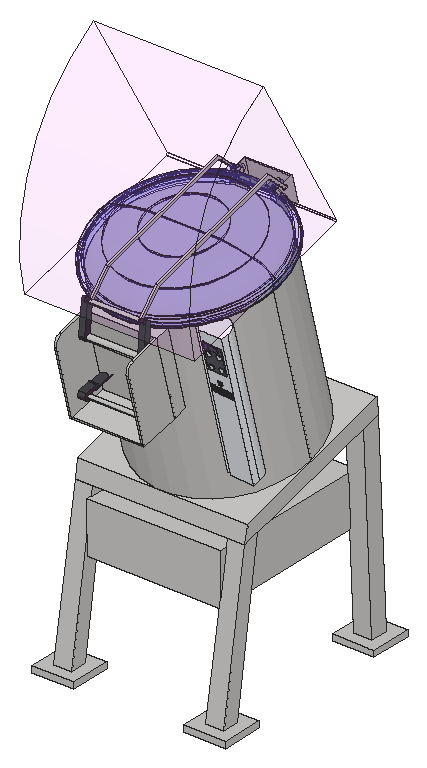
Revit family "QF_ELECTROLUXPROFESSIONAL_600875_TI2536M", category Attrezzature speciali, Revit 2020
Family settings
  Quota connettore circolare = Usa diametro
  Tipo di parte = Normale
  Basato su piano di lavoro = No
  Sempre verticale = Sì
  Taglio con vuoti quando caricato = No
  Condiviso = Sì
  Punto di calcolo locali = No
Parameters (values of type "Standard")
  Weight = 198.416 lbm
  Watts = 900 W
  Volts = 220 V
  URL Manufacturer = "https://www.electroluxprofessional.com/"
  URL = "https://www.electroluxprofessional.com/"
  Steam Supply Size = 0"
  Steam Supply Minimum Pressure = 0.00 psi
  Steam Supply Maximum Pressure = 0.00 psi
  Steam Consumption per Hour = 0
  Show Logo [instance] = yes
  Show Clearance [instance] = yes
  Refrigeration Suction Line Size = 0 mm
  Refrigeration Liquid Line Size = 0 mm
  Refrigerant Compressor Remote = yes
  Prospetto di default = 0 mm
  Produttore = "Electrolux Professional"
  Phase = 3
  Modello = "TI2536M"
  Length Actual = 565 mm  # constant formula
  Item Number = "600875"
  Hot Water Size = 0"
  Height Actual = 1425 mm  # constant formula
  HP = "1.2 HP"
  Gas Size = 0"
  Gas KW = 0
  Gas Input Pressure = 0.0 Btu/h
  Direct Waste Size = 1.9685"
  Descrizione = "VEGETABLE PEELER-FLAT P+EL.VALV+ABRASIVE PLATE 25KG/220-277/380-480V/3/60"
  Depth Actual = 880 mm  # constant formula
  Cycle = 60 Hz
  Condensate Return Size = 0"
  Compressed Air Volume = 0 GPM
  Compressed Air Size = 0"
  Compressed Air Pressure = 0.00 psi
  Cold Water Size = 168"
  Accessory = yes
Reference planes
  plane 1 "BACK": y = 0
  plane 2: z = 0
  plane 3 "LEFT": x = 0
  plane 4: x = 570
  plane 5 "FRONT": y = -881.749
  plane 6: z = 1430
  plane 7: z = -585.829
  plane 8: z = -685.829
  plane 9: z = -585.829
  plane 10: z = -685.829
  plane 11: z = 1882.67
Forms (mm)
  Extrusion 1, solid, material "QF_Finishes_Stainless Steel"
    sketch origin (653.027, -78.461, 897.274) x (1, 0, 0) y (0, -0.258819, 0.965926)
      loop
        line (-392.404, -132.714) -> (-392.404, -152.714) -> (-372.404, -152.714) -> (-372.404, -132.714) -> (-392.404, -132.714)
    from 0 to 2
  Extrusion 2, solid, material "QF_Finishes_Stainless Steel"
    sketch origin (657.814, -193.327, 327.801) x (1, 0, 0) y (0, 1, 0)
      loop
        circle (-372.814, -140.692) r 24
    from 0 to 10
  Extrusion 3, solid, material "QF_Finishes_Stainless Steel"
    sketch origin (285, -319.388, 721.48) x (-1, 0, 0) y (0, -0.965926, -0.258819)
      loop
        circle (0, 3.772) r 280
    from -53.41 to 559
  Extrusion 4, solid, material "QF_Finishes_White"
    sketch origin (371.302, -406.481, 738.52) x (-0.998361, 0.055288, 0.014814) y (-0.057239, -0.964342, -0.258395)
      loop
        line (-205, 138.822) -> (-205, 113.822)
        arc (-205, 113.822) -> (-190.656, 79.193) -> (-156.026, 64.849) r 48.974
        arc (-156.026, 64.849) -> (-135.584, 100.829) -> (-107.009, 130.762) r 168.966
        line (-107.009, 130.762) -> (-108.423, 132.176) -> (-112.341, 128.259) -> (-122.904, 138.822) -> (-205, 138.822)
    from 0 to 514.168
  Revolve 5, solid, material "Glass"
    sketch origin (285, -150.897, 92.663) x (1, 0, 0) y (0, -0.258819, 0.965926)
      loop
        line (-280.211, 1210) -> (-280.211, 1239.462)
        arc (-280.211, 1239.462) -> (-258.666, 1270.154) -> (-223.051, 1281.892) r 59.572
        arc (-223.051, 1281.892) -> (-174.36, 1296.929) -> (-124.046, 1305.02) r 364.082
        line (-124.046, 1305.02) -> (0, 1305.02) -> (0, 1310) -> (-124.492, 1310)
        arc (-124.492, 1310) -> (-175.048, 1301.903) -> (-223.996, 1286.887) r 369.082
        arc (-223.996, 1286.887) -> (-262.028, 1273.883) -> (-285, 1240.901) r 64.572
        line (-285, 1240.901) -> (-295, 1240.901)
        arc (-295, 1240.901) -> (-299.203, 1239.16) -> (-300.944, 1234.957) r 5.944
        line (-300.944, 1234.957) -> (-302.251, 1220.014) -> (-298.647, 1220.014) -> (-298.647, 1215.014)
        arc (-298.647, 1215.014) -> (-298.197, 1211.593) -> (-295.136, 1210) r 3.736
        line (-295.136, 1210) -> (-280.211, 1210)
      axis (0, 1310) -> (0, 1210)
    angle from 0 to 360
  Extrusion 6, solid, material "QF_Finishes_Stainless Steel"
    sketch origin (285, -241.212, 68.91) x (0, 0.965926, 0.258819) y (0, -0.258819, 0.965926)
      loop
        line (-345, 928.647) -> (-212.799, 922.815) -> (-212.799, 1204.168) -> (-315, 1204.168)
        arc (-315, 1204.168) -> (-336.213, 1195.381) -> (-345, 1174.168) r 30
        line (-345, 1174.168) -> (-345, 928.647)
    from 117 to 124
  Extrusion 7, solid, material "QF_Finishes_Stainless Steel"
    sketch origin (285, -241.212, 11.251) x (0, 0.965926, 0.258819) y (0, -0.258819, 0.965926)
      loop
        line (-330.077, 984.342) -> (-197.875, 978.51) -> (-197.875, 983.515) -> (-330.077, 989.347) -> (-330.077, 984.342)
    from -117 to 117
  Extrusion 8, solid, material "QF_Finishes_Stainless Steel"
    sketch origin (285, -241.212, 68.91) x (0, 0.965926, 0.258819) y (0, 0.258819, -0.965926)
      loop
        line (-345, -928.647) -> (-345, -1174.168)
        arc (-345, -1174.168) -> (-336.213, -1195.381) -> (-315, -1204.168) r 30
        line (-315, -1204.168) -> (-212.799, -1204.168) -> (-212.799, -922.815) -> (-345, -928.647)
    from 117 to 124
  Extrusion 9, solid, material "QF_Finishes_Stainless Steel"
    sketch origin (285, -429.393, 732.38) x (-1, 0, 0) y (0, -0.965926, -0.258819)
      loop
        line (-124, 202.749) -> (-124, 158.483)
        arc (-124, 158.483) -> (0, 186.353) -> (124, 158.483) r 289.789
        line (124, 158.483) -> (124, 202.749) -> (-124, 202.749)
    from 233.383 to 514.2
  Extrusion 10, solid, material "QF_Finishes_Stainless Steel"
    sketch origin (285, -196.894, -5.914) x (0, 0.965926, 0.258819) y (0, -0.258819, 0.965926)
      loop
        circle (-322.843, 1067.894) r 7
    from -99.751 to 98.949
  Extrusion 11, solid, material "QF_Finishes_Black"
    sketch origin (285, -196.894, -5.914) x (0, 0.965926, 0.258819) y (0, -0.258819, 0.965926)
      loop
        arc (-327.843, 1079.894) -> (-330.054, 1057.077) -> (-309.843, 1067.894) r 13
        line (-309.843, 1067.894) -> (-285.666, 1067.894)
        arc (-285.666, 1067.894) -> (-279.666, 1073.894) -> (-285.666, 1079.894) r 6
        line (-285.666, 1079.894) -> (-327.843, 1079.894)
    from -110 to -84.963
  Extrusion 12, solid, material "QF_Finishes_Black"
    sketch origin (285, -530.138, -95.206) x (-1, 0, 0) y (0, -0.258819, 0.965926)
      loop
        circle (97.5, 1067.394) r 12.5
      loop
        circle (-97.5, 1067.394) r 12.5
    from 62.138 to 126.837
  Extrusion 13, solid, material "QF_Finishes_Stainless Steel"
    sketch origin (285, -247.573, 37.913) x (0, 0.965926, 0.258819) y (0, -0.258819, 0.965926)
      loop
        circle (-238.345, 1182.588) r 10
    from -99.751 to 98.949
  Extrusion 14, solid, material "QF_Finishes_Stainless Steel"
    sketch origin (285, -233.422, 70.55) x (0, 0.965926, 0.258819) y (0, -0.258819, 0.965926)
      loop
        circle (-226.381, 1255.311) r 7.369
    from -99.751 to 98.949
  Extrusion 15, solid, material "QF_Finishes_Stainless Steel"
    sketch origin (285, -245.401, 781.681) x (-1, 0, 0) y (0, -0.965926, -0.258819)
      loop
        line (-80, -259.5) -> (80, -259.5) -> (80, -186.298) -> (77, -187.558) -> (77, -256.5) -> (-77, -256.5) -> (-77, -187.558) -> (-80, -186.298) -> (-80, -259.5)
    from 452.976 to 550.901
  Extrusion 16, void
    sketch origin (285, -249.686, 780.533) x (-1, 0, 0) y (0, -0.965926, -0.258819)
      loop
        line (60, -256.5) -> (60, -187.558) -> (-58.869, -187.558) -> (-58.869, -256.5) -> (60, -256.5)
    from 512.875 to 579.395
  Extrusion 17, solid, material "Glass"
    sketch origin (285, -66.816, 115.192) x (0, 0.965926, 0.258819) y (0, -0.258819, 0.965926)
      loop
        circle (218.889, 1232.423) r 6.715
      loop
        line (173.889, 1240.901) -> (197.135, 1240.901)
        arc (197.135, 1240.901) -> (201.694, 1239.012) -> (203.582, 1234.453) r 6.448
        line (203.582, 1234.453) -> (204.586, 1223.774)
        arc (204.586, 1223.774) -> (233.448, 1224.213) -> (218.889, 1249.138) r 16.715
        line (218.889, 1249.138) -> (204.969, 1249.138)
        arc (204.969, 1249.138) -> (201.916, 1259.097) -> (200.342, 1269.395) r 71.492
        line (200.342, 1269.395) -> (149.601, 1269.395)
        arc (149.601, 1269.395) -> (165.038, 1257.955) -> (173.889, 1240.901) r 42.656
    from -70 to 70
  Extrusion 18, solid, material "QF_Finishes_Stainless Steel"
    sketch origin (285, -66.816, 115.192) x (0, 0.965926, 0.258819) y (0, -0.258819, 0.965926)
      loop
        circle (218.889, 1232.423) r 6.715
    from -86 to 86
  Extrusion 19, solid, material "QF_Finishes_Black"
    sketch origin (286.574, 303.642, 1371.382) x (0, 0.0676, 0.997713) y (0, -0.997713, 0.0676)
      loop
        arc (-324.58, 1080.165) -> (-335.678, 1063.269) -> (-315.687, 1060.268) r 12
        line (-315.687, 1060.268) -> (-219.513, 1060.268)
        arc (-219.513, 1060.268) -> (-211.513, 1068.268) -> (-219.513, 1076.268) r 8
        line (-219.513, 1076.268) -> (-324.58, 1080.165)
    from -110 to -89.574
  Extrusion 20, solid, material "QF_Finishes_Black"
    sketch origin (285, -196.894, -5.914) x (0, 0.965926, 0.258819) y (0, 0.258819, -0.965926)
      loop
        line (-327.843, -1079.894) -> (-285.666, -1079.894)
        arc (-285.666, -1079.894) -> (-279.666, -1073.894) -> (-285.666, -1067.894) r 6
        line (-285.666, -1067.894) -> (-309.843, -1067.894)
        arc (-309.843, -1067.894) -> (-330.054, -1057.077) -> (-327.843, -1079.894) r 13
    from -110 to -84.963
  Sweep 21, solid, material "QF_Finishes_Stainless Steel"
    path origin (285, -149.392, 93.066) x (0, 0.965926, 0.258819) y (0, -0.258819, 0.965926)
      loop
        line (304.186, 1232.741) -> (252.969, 1311.608) -> (-227.487, 1311.608) -> (-315.63, 1255.805)
    profile origin (285, -209.57, 1393.994) x (0, -0.669131, -0.743145) y (1, 0, 0)
      loop
        line (-4.107, -88) -> (3.893, -88) -> (3.893, -80) -> (-4.107, -80) -> (-4.107, -88)
  Extrusion 22, solid, material "QF_Finishes_Black"
    sketch origin (283.426, 303.642, 1371.382) x (0, 0.0676, 0.997713) y (0, 0.997713, -0.0676)
      loop
        line (-324.58, -1080.165) -> (-219.513, -1076.268)
        arc (-219.513, -1076.268) -> (-211.513, -1068.268) -> (-219.513, -1060.268) r 8
        line (-219.513, -1060.268) -> (-315.687, -1060.268)
        arc (-315.687, -1060.268) -> (-335.678, -1063.269) -> (-324.58, -1080.165) r 12
    from -110 to -89.574
  Extrusion 23, solid, material "QF_Finishes_Red"
    sketch origin (343.314, -355.002, 37.973) x (0, 0.258819, -0.965926) y (0.998361, -0.055288, -0.014814)
      loop
        line (-1160.201, 165.55) -> (-1142.889, 165.55) -> (-1142.889, 198.25) -> (-1160.201, 198.25) -> (-1160.201, 165.55)
    from 6.646 to 7.446
  Extrusion 24, solid, material "QF_Finishes_White"
    sketch origin (343.314, -354.031, 34.351) x (0, 0.258819, -0.965926) y (0.998361, -0.055288, -0.014814)
      loop
        line (-1141.679, 160.245) -> (-1136.758, 155.325) -> (-1129.799, 155.325) -> (-1124.878, 160.245) -> (-1124.878, 167.204) -> (-1129.799, 172.125) -> (-1136.758, 172.125) -> (-1141.679, 167.204) -> (-1141.679, 160.245)
    from 6.646 to 7.446
  Extrusion 25, solid, material "QF_Finishes_White"
    sketch origin (378.257, -355.966, 33.832) x (0, 0.258819, -0.965926) y (0.998361, -0.055288, -0.014814)
      loop
        line (-1141.679, 160.245) -> (-1136.758, 155.325) -> (-1129.799, 155.325) -> (-1124.878, 160.245) -> (-1124.878, 167.204) -> (-1129.799, 172.125) -> (-1136.758, 172.125) -> (-1141.679, 167.204) -> (-1141.679, 160.245)
    from 6.646 to 7.446
  Extrusion 26, solid, material "QF_Finishes_White"
    sketch origin (378.257, -343.996, -10.842) x (0, 0.258819, -0.965926) y (0.998361, -0.055288, -0.014814)
      loop
        line (-1141.679, 160.245) -> (-1136.758, 155.325) -> (-1129.799, 155.325) -> (-1124.878, 160.245) -> (-1124.878, 167.204) -> (-1129.799, 172.125) -> (-1136.758, 172.125) -> (-1141.679, 167.204) -> (-1141.679, 160.245)
    from 6.646 to 7.446
  Extrusion 27, solid, material "QF_Finishes_White"
    sketch origin (343.314, -342.061, -10.323) x (0, 0.258819, -0.965926) y (0.998361, -0.055288, -0.014814)
      loop
        line (-1141.679, 160.245) -> (-1136.758, 155.325) -> (-1129.799, 155.325) -> (-1124.878, 160.245) -> (-1124.878, 167.204) -> (-1129.799, 172.125) -> (-1136.758, 172.125) -> (-1141.679, 167.204) -> (-1141.679, 160.245)
    from 6.646 to 7.446
  Extrusion 28, solid, material "QF_Finishes_Navy Blue"
    sketch origin (343.36, -354.23, 38.18) x (0, 0.258819, -0.965926) y (0.998361, -0.055288, -0.014814)
      loop
        line (-1165.707, 212.512) -> (-1165.707, 150.465) -> (-1069.185, 150.465) -> (-1069.185, 212.512) -> (-1165.707, 212.512)
    from 6.646 to 7.446
  Sweep 29, solid, material "QF_Finishes_Stainless Steel"
    path origin (285, -149.392, 93.066) x (0, 0.965926, 0.258819) y (0, 0.258819, -0.965926)
      loop
        line (304.186, -1232.741) -> (252.969, -1311.608) -> (-227.487, -1311.608) -> (-315.63, -1255.805)
    profile origin (285, -209.57, 1393.994) x (0, 0.669131, 0.743145) y (-1, 0, 0)
      loop
        line (4.107, -88) -> (4.107, -80) -> (-3.893, -80) -> (-3.893, -88) -> (4.107, -88)
  Extrusion 30, solid, material "QF_Finishes_Stainless Steel"
    sketch origin (0, 1056.034, 97.801) x (0, 1, 0) y (0, 0, 1)
      loop
        line (-1056.034, -77.801) -> (-1091.04, 590.14) -> (-1148.433, 574.762) -> (-1114.234, -77.801) -> (-1056.034, -77.801)
      loop
        line (-1646.238, 441.375) -> (-1737.783, -77.801) -> (-1680.448, -77.801) -> (-1596.09, 454.812) -> (-1646.238, 441.375)
    from 0 to 60
  Extrusion 31, solid, material "QF_Finishes_Stainless Steel"
    sketch origin (570, 1056.034, 97.801) x (0, 1, 0) y (0, 0, -1)
      loop
        line (-1114.234, 77.801) -> (-1148.433, -574.762) -> (-1091.04, -590.14) -> (-1056.034, 77.801) -> (-1114.234, 77.801)
      loop
        line (-1646.238, -441.375) -> (-1596.09, -454.812) -> (-1680.448, 77.801) -> (-1737.783, 77.801) -> (-1646.238, -441.375)
    from 0 to 60
  Extrusion 32, solid, material "QF_Finishes_Stainless Steel"
    sketch origin (0, 928.059, 0) x (0, 1, 0) y (0, 0, 1)
      loop
        line (-887.159, 20) -> (-1027.159, 20) -> (-1027.159, 0) -> (-887.159, 0) -> (-887.159, 20)
    from -40 to 100
  Extrusion 33, solid, material "QF_Finishes_Stainless Steel"
    sketch origin (285, 1056.034, 97.801) x (0, 1, 0) y (0, 0, 1)
      loop
        line (-1093.853, 643.832) -> (-1636.888, 498.326) -> (-1646.579, 441.284) -> (-1091.04, 590.14) -> (-1093.853, 643.832)
    from -285 to 285
  Revolve 34, solid, material "QF_Finishes_Door Clearance", visible <- "Show Clearance"
    sketch origin (285, -324.551, 1343.63) x (-1, 0, 0) y (0, -1, 0)
      loop
        line (285, 499.501) -> (-285, 499.501) -> (-285, -117.529) -> (285, -117.529) -> (285, 499.501)
      axis (285, -122.529) -> (-285, -122.529)
    angle from 14.936 to -60.064
  Extrusion 35, solid, material "QF_Finishes_Stainless Steel"
    sketch origin (0, -5.126, 97.801) x (0, 1, 0) y (0, 0, 1)
      loop
        line (-611.394, 412.856) -> (-611.394, 240) -> (-46.394, 240) -> (-46.394, 412.856) -> (-611.394, 412.856)
    from 60 to 510
  Extrusion 36, solid, material "QF_Finishes_Stainless Steel"
    sketch origin (545.8, -199.019, 1450.692) x (1, 0, 0) y (0, 0, 1)
      loop
        circle (-372.814, -140.692) r 8
    from -9.349 to 26.528
  Extrusion 37, solid, material "QF_Finishes_Stainless Steel"
    sketch origin (510, 928.059, 0) x (0, 1, 0) y (0, 0, 1)
      loop
        line (-887.159, 20) -> (-1027.159, 20) -> (-1027.159, 0) -> (-887.159, 0) -> (-887.159, 20)
    from -40 to 100
  Extrusion 38, solid, material "QF_Finishes_Stainless Steel"
    sketch origin (0, 304.078, 0) x (0, 1, 0) y (0, 0, 1)
      loop
        line (-887.159, 20) -> (-1027.159, 20) -> (-1027.159, 0) -> (-887.159, 0) -> (-887.159, 20)
    from -40 to 100
  Extrusion 39, solid, material "QF_Finishes_Stainless Steel"
    sketch origin (510, 304.078, 0) x (0, 1, 0) y (0, 0, 1)
      loop
        line (-887.159, 20) -> (-1027.159, 20) -> (-1027.159, 0) -> (-887.159, 0) -> (-887.159, 20)
    from -40 to 100
Cuts and joins
  Extrusion 16 cuts Extrusion 3
  Extrusion 16 cuts Revolve 5
  Extrusion 16 cuts Extrusion 15
  Extrusion 16 cuts Extrusion 17
  Extrusion 16 cuts Extrusion 18
  Extrusion 16 cuts Sweep 21
  Extrusion 16 cuts Sweep 29
Dimensions and locks
  plane 6 to level = 1430 mm
  plane 11 to level = 1882.67 mm
  Extrusion 35 sketch curve to level = 337.801 mm
  Extrusion 36 to level = 1310 mm
  Extrusion 32 to Extrusion 32 = 140 mm
  aligned and locked: level to plane 2
Nested families
  nested 1: "ELX_LOGO_MONO_SMALL_BLUE" at (514.903, -624.471, 983.011) x (-0.9984, 0.0553, 0.0148) z (-0.0572, -0.9643, -0.2584), visible <- "Show Logo", Show Logo <- "Show Logo", type "ELX_LOGO_MONO_SMALL_BLUE"
    with Show Logo yes
  nested 2: "ELX_LOGO_WORDS" at (528.001, -630.788, 1003.685) x (0.9984, -0.0553, -0.0148) z (-0.0572, -0.9643, -0.2584), visible <- "Show Logo", Show Logo <- "Show Logo", type "ELX_LOGO_WORDS"
    with Show Logo yes
Connectors
  electrical at (270.623, -41.524, 759.424)
    settings: on Extrusion 1, index 3, voltage 0 V, apparent load 0 VA, apparent load phase1 0 VA, apparent load phase2 0 VA, apparent load phase3 0 VA, power factor 1, load classification "Altro", number of poles 1, system type 30, power factor state 1, is connector primary yes, connector utility no, sub classification motor no, connector description "EI"
  piping at (285, -334.019, 327.801), diameter 48
    settings: on Extrusion 2, index 4, connector inside diameter 24", connector length 0 mm, flow factor 0, pipe flow 0 GPM, pressure drop 0.00 psi, fitting loss kfactor 0, connector angle 0.00°, fixture units 0, engagement length 0 mm, angle of deflection 0.00°, flow configuration 0, flow direction 0, fitting loss method 0, system type 29, joint type 0, gender type 0, connector reference index -1, connector utility 0, adjustable connector no, is connector primary yes, connector description "D"
  piping at (172.986, -189.67, 1310), diameter 12.7
    settings: on Extrusion 36, index 5, connector inside diameter 24", connector length 0 mm, flow factor 0, pipe flow 0 GPM, pressure drop 0.00 psi, fitting loss kfactor 0, connector angle 0.00°, fixture units 0, engagement length 0 mm, angle of deflection 0.00°, flow configuration 0, flow direction 0, fitting loss method 0, system type 29, joint type 0, gender type 0, connector reference index -1, connector utility 0, adjustable connector no, is connector primary no, connector description "CWI"
Definition of nested family "ELX_LOGO_MONO_SMALL_BLUE"
  Parameters (values of type "ELX_LOGO_MONO_SMALL_BLUE")
    Show Logo [instance] = yes
    Default Elevation = 1219.2 mm
  Reference planes
    plane 1 "Center (Front/Back)": y = -49
    plane 2: z = 0
    plane 3 "Center (Left/Right)": x = -9.92
  Forms (mm)
    Extrusion 1, solid
      sketch origin (0, 0, 0) x (1, 0, 0) y (0, 1, 0)
        loop
          line (-1219.2, 1219.2) -> (-1219.2, -1219.2) -> (1219.2, -1219.2) -> (1219.2, 1219.2) -> (-1219.2, 1219.2)
      from 0 to -304.8
    Extrusion 2, solid, visible <- "Show Logo"
      sketch origin (84.462, 509.781, 0) x (1, 0, 0) y (0, 1, 0)
        loop
          line (-96.018, -564.182) -> (-96.018, -553.402)
          arc (-96.018, -553.402) -> (-100.003, -558.792) -> (-96.018, -564.182) r 5.638
        loop
          arc (-95.47, -564.182) -> (-90.987, -563.163) -> (-88.827, -559.105) r 5.525
          line (-88.827, -559.105) -> (-90.61, -559.105)
          arc (-90.61, -559.105) -> (-93.796, -560.398) -> (-95.47, -563.401) r 5.179
          line (-95.47, -563.401) -> (-95.47, -564.182)
        loop
          arc (-95.47, -554.183) -> (-93.796, -557.186) -> (-90.61, -558.479) r 5.179
          line (-90.61, -558.479) -> (-88.827, -558.479)
          arc (-88.827, -558.479) -> (-90.983, -554.387) -> (-95.47, -553.263) r 5.67
          line (-95.47, -553.263) -> (-95.47, -554.183)
        loop
          line (-88.417, -564.77) -> (-88.417, -552.789) -> (-100.415, -552.789) -> (-100.415, -564.77) -> (-88.417, -564.77)
      from 0 to 1.644
  Dimensions and locks
    aligned and locked: plane 2 to Extrusion 1
    aligned and locked: level to Extrusion 1
Definition of nested family "ELX_LOGO_WORDS"
  Parameters (values of type "ELX_LOGO_WORDS")
    Show Logo [instance] = yes
    Default Elevation = 0 mm
  Reference planes
    plane 1 "Centro (Fronte/Retro)": y = 0
    plane 2: z = 0
    plane 3 "Centro (Sinistra/Destra)": x = 0
  Forms (mm)
    Extrusion 1, solid
      sketch origin (0, 0, 0) x (1, 0, 0) y (0, 1, 0)
        loop
          line (-1219.2, 1219.2) -> (-1219.2, -1219.2) -> (1219.2, -1219.2) -> (1219.2, 1219.2) -> (-1219.2, 1219.2)
      from 0 to -304.8
    Extrusion 2, solid, visible <- "Show Logo"
      sketch origin (0, 0, 0) x (1, 0, 0) y (0, 1, 0)
        loop
          line (-30.234, 10.561) -> (-37.67, 10.561) -> (-37.67, 1.902)
          arc (-37.67, 1.902) -> (-36.691, -0.461) -> (-34.329, -1.439) r 3.341
          line (-34.329, -1.439) -> (-30.09, -1.439) -> (-30.09, 0.503) -> (-33.845, 0.503)
          arc (-33.845, 0.503) -> (-35.079, 0.92) -> (-35.604, 2.112) r 1.615
          line (-35.604, 2.112) -> (-35.604, 3.829) -> (-30.555, 3.829) -> (-30.555, 5.779) -> (-35.604, 5.779) -> (-35.604, 8.617) -> (-30.234, 8.617) -> (-30.234, 10.561)
        loop
          line (-28.622, 10.561) -> (-28.622, -1.439) -> (-26.555, -1.439) -> (-26.555, 10.561) -> (-28.622, 10.561)
        loop
          line (16.27, 10.561) -> (16.27, -1.439) -> (18.338, -1.439) -> (18.338, 10.561) -> (16.27, 10.561)
        loop
          line (-23.137, 2.393) -> (-16.354, 2.393)
          arc (-16.354, 2.393) -> (-17.415, 6.119) -> (-21.043, 7.478) r 4.298
          arc (-21.043, 7.478) -> (-24.239, 5.857) -> (-25.151, 2.393) r 4.373
          arc (-25.151, 2.393) -> (-23.951, -0.505) -> (-21.053, -1.705) r 4.097
          arc (-21.053, -1.705) -> (-18.799, -1.372) -> (-16.908, -0.099) r 5.15
          line (-16.908, -0.099) -> (-18.133, 1.125)
          arc (-18.133, 1.125) -> (-19.74, 0.161) -> (-21.607, 0.323) r 3.039
          arc (-21.607, 0.323) -> (-22.746, 1.081) -> (-23.137, 2.393) r 2.013
        loop
          line (-23.085, 3.846) -> (-18.431, 3.846)
          arc (-18.431, 3.846) -> (-19.084, 5.22) -> (-20.519, 5.727) r 1.983
          arc (-20.519, 5.727) -> (-22.175, 5.295) -> (-23.085, 3.846) r 2.321
        loop
          line (-8.297, 4.711) -> (-6.999, 6.009)
          arc (-6.999, 6.009) -> (-8.627, 7.187) -> (-10.604, 7.539) r 4.497
          arc (-10.604, 7.539) -> (-13.621, 6.437) -> (-15.204, 3.642) r 4.652
          arc (-15.204, 3.642) -> (-12.536, -1.257) -> (-7.072, -0.127) r 4.684
          line (-7.072, -0.127) -> (-8.363, 1.163)
          arc (-8.363, 1.163) -> (-11.149, 0.242) -> (-13.145, 2.393) r 2.714
          arc (-13.145, 2.393) -> (-13.006, 4.094) -> (-11.835, 5.335) r 2.578
          arc (-11.835, 5.335) -> (-9.96, 5.621) -> (-8.297, 4.711) r 2.961
        loop
          line (-5.73, 10.561) -> (-5.73, 2.36)
          arc (-5.73, 2.36) -> (-5.551, 1.13) -> (-5.09, -0.025) r 5.301
          arc (-5.09, -0.025) -> (-3.615, -1.198) -> (-1.746, -1.445) r 3.531
          line (-1.746, -1.445) -> (-1.746, 0.492)
          arc (-1.746, 0.492) -> (-2.302, 0.534) -> (-2.82, 0.74) r 1.862
          arc (-2.82, 0.74) -> (-3.484, 1.442) -> (-3.662, 2.393) r 1.713
          line (-3.662, 2.393) -> (-3.662, 5.362) -> (-1.785, 5.362) -> (-1.785, 7.24) -> (-3.662, 7.24) -> (-3.662, 10.561) -> (-5.73, 10.561)
        loop
          arc (2.004, 3.123) -> (2.152, 3.988) -> (2.578, 4.755) r 2.607
          arc (2.578, 4.755) -> (3.817, 5.391) -> (5.208, 5.362) r 2.84
          line (5.208, 5.362) -> (5.208, 7.349)
          arc (5.208, 7.349) -> (3.39, 7.177) -> (2.004, 5.989) r 3.016
          line (2.004, 5.989) -> (2.004, 7.24) -> (-0.046, 7.24) -> (-0.046, -1.439) -> (2.004, -1.439) -> (2.004, 3.123)
        loop
          circle (10.262, 2.899) r 4.599
        loop
          circle (10.262, 2.899) r 2.787
        loop
          arc (25.793, 2.175) -> (25.283, 0.772) -> (23.898, 0.213) r 1.835
          arc (23.898, 0.213) -> (22.514, 0.772) -> (22.004, 2.175) r 1.835
          line (22.004, 2.175) -> (22.004, 7.24) -> (19.919, 7.24) -> (19.919, 2.003)
          arc (19.919, 2.003) -> (21.105, -0.701) -> (23.898, -1.659) r 3.675
          arc (23.898, -1.659) -> (26.723, -0.672) -> (27.877, 2.088) r 3.675
          line (27.877, 2.088) -> (27.877, 7.24) -> (25.793, 7.24) -> (25.793, 2.175)
        loop
          line (29.126, 7.24) -> (32.128, 3.164) -> (28.83, -1.442) -> (31.052, -1.442) -> (33.241, 1.615) -> (35.462, -1.442) -> (37.67, -1.442) -> (34.419, 3.211) -> (37.392, 7.24) -> (35.135, 7.24) -> (33.234, 4.663) -> (31.362, 7.24) -> (29.126, 7.24)
        loop
          line (-35.875, -6.414) -> (-37.523, -6.414) -> (-37.523, -10.564) -> (-36.621, -10.564) -> (-36.621, -9.135) -> (-35.625, -9.135)
          arc (-35.625, -9.135) -> (-34.509, -7.66) -> (-35.875, -6.414) r 1.372
        loop
          arc (-35.664, -8.32) -> (-35.322, -7.786) -> (-35.664, -7.253) r 0.587
          line (-35.664, -7.253) -> (-36.621, -7.253) -> (-36.621, -8.32) -> (-35.664, -8.32)
        loop
          line (-29.363, -6.414) -> (-31.04, -6.414) -> (-31.04, -10.564) -> (-30.138, -10.564) -> (-30.138, -9.135) -> (-29.265, -9.135) -> (-28.669, -10.564) -> (-27.7, -10.564) -> (-28.516, -8.814)
          arc (-28.516, -8.814) -> (-28.125, -8.347) -> (-27.994, -7.752) r 1.281
          arc (-27.994, -7.752) -> (-28.406, -6.804) -> (-29.363, -6.414) r 1.37
        loop
          line (-30.138, -7.253) -> (-30.138, -8.32) -> (-29.18, -8.32)
          arc (-29.18, -8.32) -> (-28.839, -7.786) -> (-29.18, -7.253) r 0.587
          line (-29.18, -7.253) -> (-30.138, -7.253)
        loop
          circle (-22.402, -8.489) r 2.156
        loop
          circle (-22.402, -8.489) r 1.368
        loop
          line (-16.703, -6.414) -> (-16.703, -10.564) -> (-15.823, -10.564) -> (-15.823, -9.114) -> (-14.261, -9.114) -> (-14.261, -8.184) -> (-15.823, -8.184) -> (-15.823, -7.308) -> (-14.111, -7.308) -> (-14.111, -6.414) -> (-16.703, -6.414)
        loop
          line (-10.611, -6.414) -> (-10.611, -9.216)
          arc (-10.611, -9.216) -> (-10.229, -10.166) -> (-9.284, -10.561) r 1.327
          line (-9.284, -10.561) -> (-7.945, -10.561) -> (-7.945, -9.777) -> (-9.204, -9.777)
          arc (-9.204, -9.777) -> (-9.668, -9.394) -> (-9.759, -8.799) r 0.845
          line (-9.759, -8.799) -> (-8.1, -8.799) -> (-8.1, -8.015) -> (-9.759, -8.015) -> (-9.759, -7.198) -> (-7.985, -7.198) -> (-7.985, -6.414) -> (-10.611, -6.414)
        loop
          arc (4.417, -6.94) -> (3.867, -6.489) -> (3.171, -6.345) r 1.485
          arc (3.171, -6.345) -> (2.528, -6.503) -> (2, -6.902) r 1.645
          arc (2, -6.902) -> (1.902, -7.844) -> (2.51, -8.571) r 1.217
          arc (2.51, -8.571) -> (3.021, -8.741) -> (3.506, -8.976) r 4.201
          arc (3.506, -8.976) -> (3.812, -9.337) -> (3.601, -9.761) r 0.43
          arc (3.601, -9.761) -> (3.209, -9.853) -> (2.819, -9.754) r 0.846
          arc (2.819, -9.754) -> (2.482, -9.511) -> (2.275, -9.15) r 0.983
          line (2.275, -9.15) -> (1.549, -9.489)
          arc (1.549, -9.489) -> (1.811, -9.993) -> (2.232, -10.374) r 1.595
          arc (2.232, -10.374) -> (2.71, -10.578) -> (3.227, -10.63) r 1.719
          arc (3.227, -10.63) -> (3.867, -10.503) -> (4.442, -10.197) r 2.246
          arc (4.442, -10.197) -> (4.697, -9.52) -> (4.566, -8.81) r 1.349
          arc (4.566, -8.81) -> (4.282, -8.482) -> (3.919, -8.245) r 1.564
          arc (3.919, -8.245) -> (3.46, -8.04) -> (2.99, -7.864) r 8.236
          arc (2.99, -7.864) -> (2.718, -7.441) -> (3.111, -7.128) r 0.375
          arc (3.111, -7.128) -> (3.581, -7.241) -> (3.943, -7.563) r 0.998
          line (3.943, -7.563) -> (4.417, -6.94)
        loop
          line (8.225, -6.414) -> (8.225, -10.561) -> (9.077, -10.561) -> (9.077, -6.414) -> (8.225, -6.414)
        loop
          circle (14.827, -8.488) r 1.29
        loop
          circle (14.827, -8.488) r 2.154
        loop
          line (20.548, -10.561) -> (21.409, -10.561) -> (21.409, -7.954) -> (23.306, -10.561) -> (24.135, -10.561) -> (24.135, -6.414) -> (23.274, -6.414) -> (23.274, -9.101) -> (21.377, -6.414) -> (20.548, -6.414) -> (20.548, -10.561)
        loop
          line (28.435, -10.561) -> (28.839, -9.667) -> (30.373, -9.667) -> (30.777, -10.561) -> (31.693, -10.561) -> (29.942, -6.414) -> (29.142, -6.414) -> (27.519, -10.561) -> (28.435, -10.561)
        loop
          line (29.99, -8.816) -> (29.579, -7.905) -> (29.18, -8.816) -> (29.99, -8.816)
        loop
          line (35.929, -9.777) -> (35.929, -6.414) -> (35.076, -6.414) -> (35.076, -10.561) -> (37.523, -10.561) -> (37.523, -9.777) -> (35.929, -9.777)
        loop
          arc (-1.8, -6.94) -> (-2.35, -6.489) -> (-3.046, -6.345) r 1.485
          arc (-3.046, -6.345) -> (-3.689, -6.503) -> (-4.218, -6.902) r 1.645
          arc (-4.218, -6.902) -> (-4.316, -7.844) -> (-3.708, -8.571) r 1.217
          arc (-3.708, -8.571) -> (-3.197, -8.741) -> (-2.712, -8.976) r 4.201
          arc (-2.712, -8.976) -> (-2.405, -9.337) -> (-2.616, -9.761) r 0.43
          arc (-2.616, -9.761) -> (-3.008, -9.853) -> (-3.399, -9.754) r 0.846
          arc (-3.399, -9.754) -> (-3.736, -9.511) -> (-3.942, -9.15) r 0.983
          line (-3.942, -9.15) -> (-4.668, -9.489)
          arc (-4.668, -9.489) -> (-4.407, -9.993) -> (-3.985, -10.374) r 1.595
          arc (-3.985, -10.374) -> (-3.507, -10.578) -> (-2.99, -10.63) r 1.719
          arc (-2.99, -10.63) -> (-2.351, -10.503) -> (-1.775, -10.197) r 2.246
          arc (-1.775, -10.197) -> (-1.521, -9.52) -> (-1.652, -8.81) r 1.349
          arc (-1.652, -8.81) -> (-1.936, -8.482) -> (-2.298, -8.245) r 1.564
          arc (-2.298, -8.245) -> (-2.757, -8.04) -> (-3.228, -7.864) r 8.236
          arc (-3.228, -7.864) -> (-3.5, -7.441) -> (-3.107, -7.128) r 0.375
          arc (-3.107, -7.128) -> (-2.636, -7.241) -> (-2.274, -7.563) r 0.998
          line (-2.274, -7.563) -> (-1.8, -6.94)
      from 0 to 1.644
  Dimensions and locks
    aligned and locked: plane 2 to Extrusion 1
    aligned and locked: level to Extrusion 1
